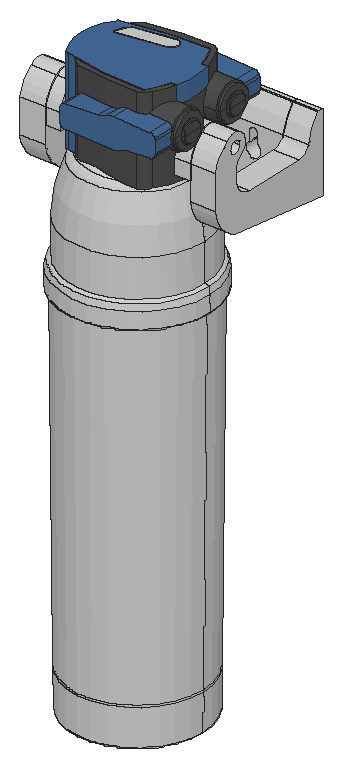
Revit family "QF_Vivreau_PURITY C150 Quell ST", category Specialty Equipment, Revit 2018
Family settings
  Round Connector Dimension = Use Diameter
  Part Type = Normal
  OmniClass Number = 23.40.40.14.24
  OmniClass Title = Food Dispensing Equipment
  Work Plane-Based = No
  Always vertical = Yes
  Cut with Voids When Loaded = No
  Shared = No
  Room Calculation Point = No
Parameters
  Width = 0' - 4.09"
  Weight in Pounds = 3.96
  Wall Bracket Location [instance] = if(Wall Bracket, 0' 0 15/16", 0' 0")  # 0' - 0 15/16"
  Wall Bracket [instance] = yes
  URL Cutsheet = ""
  URL = "www.vivreauwater.com/professional-filters"
  Status = ""
  Specification by User [instance] = ""
  Specification by Manufacturer = ""
  Serial Number [instance] = ""
  Seismic Rating = ""
  SMACNA No = ""
  Revision Code = ""
  Plumbing Remarks = ""
  Plumbing Connection Type = "NPT"
  NAFEM Spec ID Number = ""
  Mounting Height [instance] = 3' - 0"
  Model = "PURITY C150 Quell ST"
  Masterspec = "Division 11"
  Manufacturer = "Vivreau"
  Item Number [instance] = ""
  Installed By [instance] = ""
  Identify Quantity as Lot = yes
  Height = 1' - 4.42"
  Furnished By [instance] = ""
  Foodservice Equipment Identifier = yes
  Description = "Water Filter"
  Depth = 0' - 4 1/4"  # constant formula
  Cold Water Temperature Recommended = 40 °F
  Cold Water Size = 1/2"
  Cold Water RI Height = 0' - 0"
  Cold Water Minimum Pressure = 29.00 psi
  Cold Water Maximum Pressure = 124.00 psi
  Cold Water Flow = 0.264 GPM
  Cold Water Connection Height = 1' - 3 1/2"
  CSI MasterFormat = "11 46 00"
  Assembly Code = "E1090320"
Reference planes (in)
  plane 1 "BACK": y = 0
  plane 2 "REF. LAYER": z = 0
  plane 3 "FRONT": y = -4.25
  plane 4 "Center (Left/Right)": x = 2.125
  plane 5 "Center (Front/Back)": y = -2.125
  plane 6 "Center (Bottom/Top)": z = 41.94488
  plane 7 "Center F/C": z = 52.42
  plane 8 "Center F/G": z = 50.60396
  plane 9 "Center F/I": z = 51.51969
  plane 10 "Center F/J": x = 4.31004
  plane 11 "Center F/K": y = 0.9375
  plane 12 "Center F/L": x = 0.08
  plane 13 "Center F/M": x = 4.17
  plane 14 "Center F/O": z = 36
Forms (in)
  Revolve 1, solid, material "QF_Plastic-Grey-Vivreau"
    sketch origin (0, -2.125, 0) x (1, 0, 0) y (0, 0, 1)
      loop
        arc (2.12444, 36.11818) -> (3.01902, 36.17194) -> (3.87803, 36.42738) r 3.92192
        line (3.87803, 36.42738) -> (3.87803, 36.02142)
        arc (3.87803, 36.02142) -> (3.88431, 36.00627) -> (3.89946, 36) r 0.02142
        line (3.89946, 36) -> (3.94399, 36)
        arc (3.94399, 36) -> (3.95891, 36.00614) -> (3.96518, 36.021) r 0.02118
        line (3.96518, 36.021) -> (3.97403, 37.03611)
        arc (3.97403, 37.03611) -> (3.97611, 37.06626) -> (3.97698, 37.09647) r 0.75591
        line (3.97698, 37.09647) -> (4.06007, 46.61811) -> (4.15183, 46.61811)
        arc (4.15183, 46.61811) -> (4.16581, 46.62394) -> (4.17151, 46.63797) r 0.01969
        line (4.17151, 46.63797) -> (4.16756, 47.09055) -> (4.12263, 47.25822)
        arc (4.12263, 47.25822) -> (4.07582, 47.2969) -> (4.02277, 47.32643) r 0.33299
        line (4.02277, 47.32643) -> (4.01367, 48.36869)
        arc (4.01367, 48.36869) -> (3.93168, 49.11556) -> (3.70207, 49.83097) r 3.74016
        arc (3.70207, 49.83097) -> (3.636, 49.93453) -> (3.54123, 50.01269) r 0.3937
        arc (3.54123, 50.01269) -> (3.45973, 50.05893) -> (3.37671, 50.10236) r 2.75591
        line (3.37671, 50.10236) -> (3.12444, 50.10236) -> (3.12444, 50.60396) -> (2.12444, 50.60396) -> (2.12444, 36.11818)
      axis (2.12444, 36) -> (2.12444, 50.60396)
    angle from 0 to 360
Lines and regions (in)
  symbolic lines
    curve 1: arc (3.0404, -0.29842, 0) -> (0.08188, -2.125, 0) -> (3.0404, -3.95158, 0) r 2.04312
    curve 2: arc (4.1437, -2.43996, 0) -> (4.16812, -2.125, 0) -> (4.1437, -1.81004, 0) r 2.04312
Dimensions and locks (in)
  "Depth": plane 3 "FRONT" to plane 1 "BACK"
  equal spacing: plane 3 "FRONT", plane 5 "Center (Front/Back)", plane 1 "BACK"
  plane 9 "Center F/I" to plane 8 "Center F/G" to plane 6 "Center (Bottom/Top)" to plane 14 "Center F/O" = 0' - 0.91573" locked, 0' - 8.65907" locked, 0' - 5.94488" locked
  "Wall Bracket Location": plane 1 "BACK" to plane 11 "Center F/K"
  "Height": plane 7 "Center F/C" to plane 14 "Center F/O"
  "Mounting Height": plane 14 "Center F/O" to plane 2 "REF. LAYER"
  "Width": plane 12 "Center F/L" to plane 13 "Center F/M"
  equal spacing: plane 12 "Center F/L", plane 4 "Center (Left/Right)", plane 13 "Center F/M"
  locked: plane 13 "Center F/M" to plane 10 "Center F/J" at 0.14004
  aligned and locked: level to plane 2 "REF. LAYER"
  aligned and locked: plane 11 "Center F/K" to nested 2
  aligned and locked: Revolve 1 sketch curve to plane 8 "Center F/G"
  aligned and locked: plane 14 "Center F/O" to Revolve 1 sketch curve
  aligned and locked: plane 5 "Center (Front/Back)" to nested 1
Automatic sketch dimensions
  plane 12 "Center F/L" to Revolve 1 sketch curve = 0' - 0.19366"
  Revolve 1 sketch curve to plane 4 "Center (Left/Right)" = 0' - 0.00056"
  plane 4 "Center (Left/Right)" to Revolve 1 sketch curve = 0' - 0.01589"
  plane 4 "Center (Left/Right)" to Revolve 1 sketch curve = 0' - 0.21298"
  plane 4 "Center (Left/Right)" to Revolve 1 sketch curve = 0' - 0.99944"
  Revolve 1 sketch curve to plane 13 "Center F/M" = 0' - 0.9489"
  Revolve 1 sketch curve to Revolve 1 sketch curve = 0' - 0.21674"
  Revolve 1 sketch curve to Revolve 1 sketch curve = 0' - 0.25227"
  Revolve 1 sketch curve to plane 13 "Center F/M" = 0' - 0.29197"
  Revolve 1 sketch curve to plane 13 "Center F/M" = 0' - 0.28198"
  Revolve 1 sketch curve to Revolve 1 sketch curve = 0' - 0.02142"
  plane 14 "Center F/O" to Revolve 1 sketch curve = 0' - 0.02118"
  Revolve 1 sketch curve to Revolve 1 sketch curve = 0' - 0.04454"
  plane 14 "Center F/O" to Revolve 1 sketch curve = 0' - 0.021"
  Revolve 1 sketch curve to plane 13 "Center F/M" = 0' - 0.19597"
  Revolve 1 sketch curve to Revolve 1 sketch curve = 0' - 0.00294"
  Revolve 1 sketch curve to plane 13 "Center F/M" = 0' - 0.15633"
  Revolve 1 sketch curve to plane 13 "Center F/M" = 0' - 0.14723"
  Revolve 1 sketch curve to plane 13 "Center F/M" = 0' - 0.10993"
  Revolve 1 sketch curve to plane 13 "Center F/M" = 0' - 0.04737"
  Revolve 1 sketch curve to plane 13 "Center F/M" = 0' - 0.01817"
  Revolve 1 sketch curve to plane 13 "Center F/M" = 0' - 0.00244"
  plane 13 "Center F/M" to Revolve 1 sketch curve = 0' - 0.00151"
  plane 14 "Center F/O" to Revolve 1 sketch curve = 0' - 0.11818"
  Revolve 1 sketch curve to Revolve 1 sketch curve = 0' - 0.40596"
  Revolve 1 sketch curve to Revolve 1 sketch curve = 0' - 0.60873"
  Revolve 1 sketch curve to Revolve 1 sketch curve = 0' - 0.06036"
  Revolve 1 sketch curve to plane 8 "Center F/G" = 0' - 3.98585"
  Revolve 1 sketch curve to Revolve 1 sketch curve = 0' - 0.01969"
  Revolve 1 sketch curve to Revolve 1 sketch curve = 0' - 0.40381"
  Revolve 1 sketch curve to Revolve 1 sketch curve = 0' - 0.06863"
  Revolve 1 sketch curve to Revolve 1 sketch curve = 0' - 0.16767"
  Revolve 1 sketch curve to Revolve 1 sketch curve = 0' - 0.61716"
  Revolve 1 sketch curve to Revolve 1 sketch curve = 0' - 0.69697"
  Revolve 1 sketch curve to Revolve 1 sketch curve = 0' - 1.04226"
  Revolve 1 sketch curve to plane 8 "Center F/G" = 0' - 0.93035"
  Revolve 1 sketch curve to Revolve 1 sketch curve = 0' - 0.42876"
  Revolve 1 sketch curve to Revolve 1 sketch curve = 0' - 0"  (x3)
  plane 9 "Center F/I" to Revolve 1 sketch curve = 0' - 0.22595"
  curve 1 to curve 2 = 0' - 0"  (x2)
  curve 2 to plane 4 "Center (Left/Right)" = 0' - 0"
  plane 5 "Center (Front/Back)" to curve 2 = 0' - 0"
  curve 1 to plane 13 "Center F/M" = 0' - 1.1296"  (x2)
  curve 2 to plane 13 "Center F/M" = 0' - 0.0263"  (x2)
  plane 5 "Center (Front/Back)" to curve 2 = 0' - 0.31496"
  curve 1 to curve 2 = 0' - 1.51162"
Nested families (in)
  nested 1: "QF_Vivreau_ Filter Head_C150" at (0.56167, -0.22503, 0), Mounting Height <- "Mounting Height", type "QF_Vivreau_ Filter Head_C150"
    with Specification by User "", Serial Number "", Mounting Height 3' - 0", Installed By "", Furnished By ""
  nested 2: "QF_Vivreau_Wall Bracket_C150" at (-0.61927, 0.9375, 0), Mounting Height <- "Mounting Height", visible <- "Wall Bracket", type "QF_Vivreau_Wall Bracket_C150"
    with Specification by User "", Serial Number "", Mounting Height 3' - 0", Installed By "", Furnished By ""
Connectors (in)
  piping at (4.31004, -2.9124, 51.56641), diameter 0.5, driven by "Cold Water Size", driven by "Cold Water Flow"
    settings: on nested 1, index 1, connector inside diameter 24", connector length 0' - 0", flow factor 0, pipe flow 0.264 GPM, pressure drop 0.00 psi, fitting loss kfactor 0, connector angle 0.00°, fixture units 0, engagement length 0' - 0", angle of deflection 0.00°, flow configuration 1, flow direction 1, fitting loss method 0, system type 20, joint type 0, gender type 0, connector reference index -1, connector utility 0, adjustable connector no, is connector primary yes, connector description "Cold Water"
Definition of nested family "QF_Vivreau_ Filter Head_C150"
  Parameters (values of type "QF_Vivreau_ Filter Head_C150")
    Width = 3' - 0"
    Weight in Pounds = 0
    URL Cutsheet = ""
    Status = ""
    Specification by User [instance] = ""
    Specification by Manufacturer = ""
    Serial Number [instance] = ""
    Seismic Rating = ""
    SMACNA No = ""
    Revision Code = ""
    NAFEM Spec ID Number = ""
    Mounting Height [instance] = 3' - 0"
    Masterspec = ""
    Installed By [instance] = ""
    Identify Quantity as Lot = yes
    Height = 3' - 0"
    Furnished By [instance] = ""
    Foodservice Equipment Identifier = yes
    Depth = 3' - 0"
    CSI MasterFormat = ""
  Reference planes (in)
    plane 1 "BACK": y = 0
    plane 2 "REF. LAYER": z = 0
    plane 3 "LEFT": x = 0
    plane 4 "Center F/C": x = 3.74837
    plane 5 "Center F/D": y = -3.83618
    plane 6 "Center F/E": z = 51.56641
    plane 7 "Center F/F": z = 52.42129
    plane 8 "Center F/G": z = 49.99747
    plane 9 "Center F/H": z = 51.09307
    plane 10 "Center F/I": z = 51.92116
    plane 11 "Center F/J": y = -1.89997
    plane 12 "Center F/L": z = 36
    plane 13 "Center F/M": z = 52.27848
  Forms (in)
    Extrusion 1, solid
      sketch origin (-0.56167, 0.22503, 0) x (1, 0, 0) y (0, 1, 0)
        loop
          arc (3.17939, -3.30146) -> (3.22697, -3.28602) -> (3.25911, -3.24769) r 0.09059
          arc (3.25911, -3.24769) -> (3.55796, -2.125) -> (3.25911, -1.00231) r 2.25819
          arc (3.25911, -1.00231) -> (3.22697, -0.96398) -> (3.17939, -0.94854) r 0.09059
          arc (3.17939, -0.94854) -> (2.02567, -0.99526) -> (0.89165, -1.21272) r 7.75678
          arc (0.89165, -1.21272) -> (0.86179, -1.21999) -> (0.83702, -1.2382) r 0.07824
          arc (0.83702, -1.2382) -> (0.56167, -2.125) -> (0.83702, -3.0118) r 1.56569
          arc (0.83702, -3.0118) -> (0.86179, -3.03001) -> (0.89165, -3.03728) r 0.07824
          arc (0.89165, -3.03728) -> (2.02567, -3.25474) -> (3.17939, -3.30146) r 7.75678
      from 49.99747 to 52.42129
    Revolve 2, solid
      sketch origin (-16.04659, -180, 51.56641) x (-1, 0, 0) y (0, -1, 0)
        loop
          line (-19.59812, -178.88743) -> (-18.72075, -178.88743) -> (-18.7668, -178.36111) -> (-19.59812, -178.37562) -> (-19.59812, -178.88743)
        axis (-18.72075, -178.88743) -> (-19.59812, -178.88743)
      angle from 0 to 360
    Revolve 3, solid
      sketch origin (-16.04659, -180, 51.56641) x (-1, 0, 0) y (0, -1, 0)
        loop
          line (-19.59812, -177.31262) -> (-18.72075, -177.31262) -> (-18.7668, -176.7863) -> (-19.59812, -176.80081) -> (-19.59812, -177.31262)
        axis (-18.72075, -177.31262) -> (-19.59812, -177.31262)
      angle from 0 to 360
    Extrusion 4, void
      sketch origin (-0.56167, 0.22503, 0) x (0, 1, 0) y (0, 0, 1)
        loop
          circle (-2.125, 51.03491) r 0.20757
      from 3.17075 to 3.70744
    Extrusion 5, void
      sketch origin (-2.8954, 0.22503, 0) x (0, 1, 0) y (0, 0, 1)
        loop
          circle (-2.125, 51.03491) r 0.20757
      from 2.77402 to 3.28855
    Revolve 6, solid
      sketch origin (-16.04659, -180, 51.56641) x (-1, 0, 0) y (0, -1, 0)
        loop
          line (-19.59812, -178.88743) -> (-19.59812, -178.41499) -> (-19.69654, -178.41499) -> (-19.69654, -178.58034) -> (-19.73591, -178.58379) -> (-19.73591, -178.63349) -> (-19.79497, -178.63349) -> (-19.79497, -178.88743) -> (-19.59812, -178.88743)
        axis (-19.59812, -178.88743) -> (-19.79497, -178.88743)
      angle from 0 to 360
    Revolve 7, solid
      sketch origin (-16.04659, -180, 51.56641) x (-1, 0, 0) y (0, -1, 0)
        loop
          line (-19.59812, -177.31262) -> (-19.59812, -176.84018) -> (-19.69654, -176.84018) -> (-19.69654, -177.00554) -> (-19.73591, -177.00898) -> (-19.73591, -177.05869) -> (-19.79497, -177.05869) -> (-19.79497, -177.31262) -> (-19.59812, -177.31262)
        axis (-19.59812, -177.31262) -> (-19.79497, -177.31262)
      angle from 0 to 360
    Extrusion 8, solid
      sketch origin (0, 0, 0) x (0, 1, 0) y (0, 0, 1)
        loop
          circle (-1.89997, 51.03491) r 0.20757
        loop
          circle (-1.89997, 51.03491) r 0.14507
      from 2.60908 to 3.01441
    Extrusion 9, solid
      sketch origin (-2.62125, 0, 0) x (0, 1, 0) y (0, 0, 1)
        loop
          circle (-1.89997, 51.03491) r 0.20757
        loop
          circle (-1.89997, 51.03491) r 0.14507
      from 2.60908 to 3.01441
    Extrusion 10, solid
      sketch origin (0, 0, 5.99219) x (1, 0, 0) y (0, 1, 0)
        loop
          arc (2.61773, -0.72352) -> (2.65703, -0.73399) -> (2.68778, -0.7606) r 0.09059
          arc (2.68778, -0.7606) -> (2.99629, -1.89997) -> (2.68778, -3.03935) r 2.25819
          arc (2.68778, -3.03935) -> (2.65703, -3.06596) -> (2.61773, -3.07643) r 0.09059
          arc (2.61773, -3.07643) -> (1.60555, -3.04475) -> (0.60613, -2.88147) r 7.75678
          arc (0.60613, -2.88147) -> (0.72009, -2.98959) -> (0.8462, -3.08325) r 1.30616
          arc (0.8462, -3.08325) -> (1.72654, -3.2138) -> (2.6163, -3.23254) r 7.05821
          arc (2.6163, -3.23254) -> (2.77551, -3.16312) -> (2.87152, -3.01839) r 0.30684
          arc (2.87152, -3.01839) -> (3.18694, -1.89997) -> (2.87152, -0.78156) r 2.14057
          arc (2.87152, -0.78156) -> (2.77551, -0.63683) -> (2.6163, -0.5674) r 0.30684
          arc (2.6163, -0.5674) -> (1.72654, -0.58614) -> (0.8462, -0.7167) r 7.05821
          arc (0.8462, -0.7167) -> (0.72009, -0.81036) -> (0.60613, -0.91847) r 1.30616
          arc (0.60613, -0.91847) -> (1.60555, -0.7552) -> (2.61773, -0.72352) r 7.75678
      from 44.00529 to 46.4291
    Extrusion 11, void
      sketch origin (0, 0, 5.99219) x (1, 0, 0) y (0, 1, 0)
        loop
          arc (2.92876, -1.35185) -> (2.99629, -1.89997) -> (2.92876, -2.4481) r 2.25819
          line (2.92876, -2.4481) -> (3.11557, -2.4481)
          arc (3.11557, -2.4481) -> (3.18694, -1.89997) -> (3.11557, -1.35185) r 2.14057
          line (3.11557, -1.35185) -> (2.92876, -1.35185)
      from 45.92897 to 46.4291
    Extrusion 12, solid
      sketch origin (0, 0, 5.99219) x (1, 0, 0) y (0, 1, 0)
        loop
          arc (0.70049, -1.02146) -> (0.59462, -1.21203) -> (0.51669, -1.41563) r 1.54109
          arc (0.51669, -1.41563) -> (0.54, -1.44367) -> (0.57618, -1.44818) r 0.04958
          arc (0.57618, -1.44818) -> (1.21574, -1.31536) -> (1.86503, -1.24405) r 6.85047
          arc (1.86503, -1.24405) -> (2.03249, -1.03201) -> (1.82552, -0.85833) r 0.19395
          arc (1.82552, -0.85833) -> (1.26009, -0.91975) -> (0.70049, -1.02146) r 7.94315
      from 46.28629 to 46.4291
    Extrusion 13, solid
      sketch origin (0, 0, 5.99219) x (1, 0, 0) y (0, 1, 0)
        loop
          arc (3.11557, -2.4481) -> (3.18694, -1.89997) -> (3.11557, -1.35185) r 2.14057
          line (3.11557, -1.35185) -> (2.92876, -1.35185)
          arc (2.92876, -1.35185) -> (2.99629, -1.89997) -> (2.92876, -2.4481) r 2.25819
          line (2.92876, -2.4481) -> (3.11557, -2.4481)
      from 45.92897 to 46.4291
    Extrusion 14, void
      sketch origin (0, 0, 5.99219) x (1, 0, 0) y (0, 1, 0)
        loop
          arc (0.57618, -1.44818) -> (1.21574, -1.31536) -> (1.86503, -1.24405) r 6.85047
          arc (1.86503, -1.24405) -> (2.03249, -1.03201) -> (1.82552, -0.85833) r 0.19395
          arc (1.82552, -0.85833) -> (1.26009, -0.91975) -> (0.70049, -1.02146) r 7.94315
          arc (0.70049, -1.02146) -> (0.59462, -1.21203) -> (0.51669, -1.41563) r 1.54109
          arc (0.51669, -1.41563) -> (0.54, -1.44367) -> (0.57618, -1.44818) r 0.04958
      from 46.28629 to 46.4291
  Cuts and joins
    Extrusion 4, Extrusion 5, Extrusion 14 cuts Extrusion 1
    joined: Extrusion 1, Extrusion 13
    Extrusion 11 cuts Extrusion 10
  Lines and regions (in)
    symbolic lines
      curve 1: arc (0.32999, -2.81225, 0) -> (1.464, -3.02972, 0) -> (2.61773, -3.07643, 0) r 7.75678
      curve 2: arc (2.61773, -3.07643, 0) -> (2.6653, -3.061, 0) -> (2.69744, -3.02266, 0) r 0.09059
      curve 3: arc (2.69744, -3.02266, 0) -> (2.99629, -1.89997, 0) -> (2.69744, -0.77728, 0) r 2.25819
      curve 4: arc (2.69744, -0.77728, 0) -> (2.6653, -0.73895, 0) -> (2.61773, -0.72352, 0) r 0.09059
      curve 5: arc (2.61773, -0.72352, 0) -> (1.464, -0.77023, 0) -> (0.32999, -0.9877, 0) r 7.75678
      curve 6: arc (0.32999, -0.9877, 0) -> (0.30012, -0.99496, 0) -> (0.27535, -1.01317, 0) r 0.07824
      curve 7: arc (0.27535, -1.01317, 0) -> (0, -1.89997, 0) -> (0.27535, -2.78678, 0) r 1.56569
      curve 8: arc (0.27535, -2.78678, 0) -> (0.30012, -2.80499, 0) -> (0.32999, -2.81225, 0) r 0.07824
      curve 9: line (3.74837, -2.94131, 0) -> (3.68932, -2.94131, 0)
      curve 10: arc (0.85161, -0.6986, 0) -> (0.82653, -0.78661, 0) -> (0.80424, -0.87538, 0) r 2.89017
      curve 11: arc (0.85161, -0.6986, 0) -> (0.87512, -0.61425, 0) -> (0.90582, -0.53225, 0) r 1.0142
      curve 12: arc (0.90582, -0.53225, 0) -> (0.95826, -0.37458, 0) -> (1.01402, -0.21806, 0) r 7.87402
      curve 13: arc (1.01402, -0.21806, 0) -> (1.03304, -0.19156, 0) -> (1.06321, -0.17918, 0) r 0.05912
      curve 14: arc (1.06321, -0.17918, 0) -> (2.22788, -0.07327, 0) -> (3.39529, -0.1428, 0) r 7.79531
      curve 15: arc (3.39529, -0.1428, 0) -> (3.42859, -0.1583, 0) -> (3.44724, -0.18996, 0) r 0.0619
      curve 16: arc (3.44724, -0.18996, 0) -> (3.48188, -0.39473, 0) -> (3.50801, -0.60076, 0) r 5.02104
      curve 17: line (3.64995, -0.64013, 0) -> (3.55152, -0.64013, 0)
      curve 18: line (3.55152, -0.64013, 0) -> (3.55152, -0.60076, 0)
      curve 19: line (3.55152, -0.60076, 0) -> (3.50801, -0.60076, 0)
      curve 20: line (3.55152, -0.64013, 0) -> (3.55152, -1.62438, 0)
      curve 21: line (3.55152, -1.62438, 0) -> (2.98062, -1.63435, 0)
      curve 22: line (3.64995, -1.58501, 0) -> (3.55152, -1.58501, 0)
      curve 23: line (3.64995, -1.58501, 0) -> (3.64995, -0.64013, 0)
      curve 24: line (3.68932, -1.41621, 0) -> (3.64995, -1.41966, 0)
      curve 25: line (3.68932, -1.41621, 0) -> (3.68932, -0.80849, 0)
      curve 26: line (3.74837, -0.85864, 0) -> (3.68932, -0.85864, 0)
      curve 27: line (3.74837, -0.85864, 0) -> (3.74837, -1.36651, 0)
      curve 28: line (3.74837, -1.36651, 0) -> (3.68932, -1.36651, 0)
      curve 29: line (3.64995, -3.15982, 0) -> (3.55152, -3.15982, 0)
      curve 30: line (3.55152, -3.15982, 0) -> (3.55152, -3.19919, 0)
      curve 31: line (3.55152, -3.19919, 0) -> (3.50801, -3.19919, 0)
      curve 32: line (3.55152, -3.15982, 0) -> (3.55152, -2.17556, 0)
      curve 33: line (3.64995, -2.21493, 0) -> (3.55152, -2.21493, 0)
      curve 34: line (3.64995, -2.21493, 0) -> (3.64995, -3.15982, 0)
      curve 35: line (3.68932, -2.38373, 0) -> (3.64995, -2.38029, 0)
      curve 36: line (3.68932, -2.38373, 0) -> (3.68932, -2.99146, 0)
      curve 37: line (3.74837, -2.94131, 0) -> (3.68932, -2.94131, 0)
      curve 38: line (3.74837, -2.94131, 0) -> (3.74837, -2.43344, 0)
      curve 39: line (3.74837, -2.43344, 0) -> (3.68932, -2.43344, 0)
      curve 40: arc (0.85161, -3.10135, 0) -> (0.82653, -3.01334, 0) -> (0.80424, -2.92457, 0) r 2.89017
      curve 41: arc (0.85161, -3.10135, 0) -> (0.87512, -3.1857, 0) -> (0.90582, -3.2677, 0) r 1.0142
      curve 42: arc (0.90582, -3.2677, 0) -> (0.95826, -3.42537, 0) -> (1.01402, -3.58189, 0) r 7.87402
      curve 43: arc (1.01402, -3.58189, 0) -> (1.03304, -3.60839, 0) -> (1.06321, -3.62077, 0) r 0.05912
      curve 44: arc (1.06321, -3.62077, 0) -> (2.22788, -3.72667, 0) -> (3.39529, -3.65715, 0) r 7.79531
      curve 45: arc (3.39529, -3.65715, 0) -> (3.42859, -3.64164, 0) -> (3.44724, -3.60999, 0) r 0.0619
      curve 46: arc (3.44724, -3.60999, 0) -> (3.48188, -3.40522, 0) -> (3.50801, -3.19919, 0) r 5.02104
      curve 47: line (3.55152, -3.15982, 0) -> (3.55152, -3.19919, 0)
      curve 48: line (3.55152, -3.19919, 0) -> (3.50801, -3.19919, 0)
      curve 49: line (3.55152, -3.15982, 0) -> (3.55152, -2.17556, 0)
      curve 50: line (3.55152, -2.17556, 0) -> (2.98062, -2.1656, 0)
      curve 51: line (0, 0, 0) -> (3.74837, 0, 0)
      curve 52: line (0, -1.89997, 0) -> (2.99629, -1.89997, 0)
      curve 53: line (3.64995, -0.80549, 0) -> (3.68932, -0.80849, 0)
      curve 54: line (3.64995, -2.99446, 0) -> (3.68932, -2.99146, 0)
  Dimensions and locks (in)
    plane 7 "Center F/F" to plane 10 "Center F/I" to plane 6 "Center F/E" to plane 9 "Center F/H" to plane 8 "Center F/G" = 0' - 0.50013" locked, 0' - 0.35475" locked, 0' - 0.47334" locked, 0' - 1.09559" locked
    plane 5 "Center F/D" to plane 11 "Center F/J" to plane 1 "BACK" = 0' - 1.93621" locked, 0' - 1.89997" locked
    locked: plane 6 "Center F/E" to nested 1 at 0.05953
    locked: plane 8 "Center F/G" to plane 12 "Center F/L" at 13.99747
    "Mounting Height": plane 12 "Center F/L" to plane 2 "REF. LAYER"
    locked: plane 7 "Center F/F" to plane 13 "Center F/M" at 0.14281
    aligned and locked: level to plane 2 "REF. LAYER"
    aligned and locked: plane 7 "Center F/F" to cut or joined group of Extrusion 1, Extrusion 4, Extrusion 5, Extrusion 13, Extrusion 14
    aligned and locked: cut or joined group of Extrusion 1, Extrusion 4, Extrusion 5, Extrusion 13, Extrusion 14 to plane 8 "Center F/G"
    aligned and locked: nested 1 to plane 11 "Center F/J"
    aligned and locked: plane 11 "Center F/J" to nested 1
    aligned and locked: cut or joined group of Extrusion 1, Extrusion 4, Extrusion 5, Extrusion 13, Extrusion 14 to plane 7 "Center F/F"
    aligned and locked: plane 7 "Center F/F" to Extrusion 12
    aligned and locked: Extrusion 12 to plane 13 "Center F/M"
    aligned and locked: plane 13 "Center F/M" to Extrusion 12
    aligned and locked: plane 8 "Center F/G" to cut or joined group of Extrusion 1, Extrusion 4, Extrusion 5, Extrusion 13, Extrusion 14
    aligned and locked: cut or joined group of Extrusion 10, Extrusion 11 to plane 8 "Center F/G"
    aligned and locked: plane 7 "Center F/F" to cut or joined group of Extrusion 10, Extrusion 11
    aligned and locked: Extrusion 14 to plane 13 "Center F/M"
    aligned and locked: Extrusion 1 to Extrusion 14
    aligned and locked: Extrusion 11 to plane 10 "Center F/I"
    aligned and locked: Extrusion 13 to plane 10 "Center F/I"
  Automatic sketch dimensions
    curve 51 to level = 0' - 0"
    curve 51 to plane 3 "LEFT" = 0' - 0"
    curve 51 to plane 4 "Center F/C" = 0' - 0"
    curve 52 to plane 3 "LEFT" = 0' - 0"
    plane 11 "Center F/J" to curve 3 = 0' - 0"
    plane 11 "Center F/J" to curve 7 = 0' - 0"
    plane 11 "Center F/J" to curve 52 = 0' - 0"
    curve 39 to plane 4 "Center F/C" = 0' - 0"
    curve 28 to plane 4 "Center F/C" = 0' - 0"
    curve 16 to plane 3 "LEFT" = 0' - 1.48511"
    curve 46 to plane 3 "LEFT" = 0' - 1.48511"
    plane 3 "LEFT" to curve 8 = 0' - 0.33318"
    plane 3 "LEFT" to curve 6 = 0' - 0.33318"
    plane 3 "LEFT" to curve 3 = 0' - 0.7381"
    plane 1 "BACK" to curve 13 = 0' - 0.23795"
    plane 3 "LEFT" to curve 13 = 0' - 1.0697"
    curve 43 to plane 5 "Center F/D" = 0' - 0.27418"
    plane 3 "LEFT" to curve 43 = 0' - 1.0697"
    curve 3 to curve 7 = 0' - 0.82759"
    curve 7 to curve 11 = 0' - 0.27372"
    curve 7 to curve 41 = 0' - 0.27372"
    curve 14 to plane 4 "Center F/C" = 0' - 1.39888"
    curve 44 to plane 4 "Center F/C" = 0' - 1.39888"
    curve 44 to curve 1 = 0' - 0.00431"
    curve 14 to curve 5 = 0' - 0.00431"
    curve 41 to curve 2 = 0' - 0.77523"
    curve 11 to curve 4 = 0' - 0.77523"
    plane 1 "BACK" to curve 15 = 0' - 0.20414"
    curve 15 to plane 4 "Center F/C" = 0' - 0.36139"
    curve 45 to plane 4 "Center F/C" = 0' - 0.36139"
    curve 48 to plane 4 "Center F/C" = 0' - 0.24036"
    curve 19 to plane 4 "Center F/C" = 0' - 0.24036"
    curve 16 to curve 19 = 0' - 0.04351"
    curve 31 to curve 48 = 0' - 0.04351"
    curve 22 to curve 10 = 0' - 0.0667"
    curve 33 to curve 40 = 0' - 0.0667"
    curve 17 to curve 17 = 0' - 0.09843"
    curve 29 to curve 34 = 0' - 0.09843"
    curve 24 to curve 25 = 0' - 0.03937"
    curve 35 to curve 35 = 0' - 0.03937"
    plane 1 "BACK" to curve 42 = 0' - 0.86161"
    plane 4 "Center F/C" to curve 42 = 0' - 4.65484"
    curve 12 to plane 5 "Center F/D" = 0' - 0.89785"
    curve 12 to curve 42 = 0' - 0"
    curve 45 to plane 5 "Center F/D" = 0' - 0.24037"
    plane 5 "Center F/D" to curve 14 = 0' - 4.03145"
    curve 5 to curve 14 = 0' - 0.60817"
    curve 45 to curve 47 = 0' - 0.39662"
    curve 30 to curve 34 = 0' - 0.03937"
    curve 29 to curve 36 = 0' - 0.16836"
    curve 2 to plane 5 "Center F/D" = 0' - 0.85029"
    curve 36 to curve 9 = 0' - 0.05014"
    curve 2 to curve 41 = 0' - 0.11446"
    plane 11 "Center F/J" to curve 8 = 0' - 0.8341"
    plane 11 "Center F/J" to curve 46 = 0' - 0.77047"
    curve 9 to curve 39 = 0' - 0.50787"
    curve 39 to curve 36 = 0' - 0.04971"
    curve 35 to curve 40 = 0' - 0.11843"
    curve 40 to curve 34 = 0' - 0.05037"
    curve 33 to curve 49 = 0' - 0.03937"
    curve 21 to plane 11 "Center F/J" = 0' - 0.27559"
    curve 20 to curve 22 = 0' - 0.03937"
    curve 22 to curve 10 = 0' - 0.05037"
    curve 10 to curve 24 = 0' - 0.11843"
    curve 24 to curve 27 = 0' - 0.04971"
    curve 16 to plane 11 "Center F/J" = 0' - 0.77047"
    curve 6 to plane 11 "Center F/J" = 0' - 0.8341"
    plane 1 "BACK" to curve 11 = 0' - 0.92852"
    curve 27 to curve 26 = 0' - 0.50787"
    curve 11 to curve 4 = 0' - 0.11446"
    curve 26 to curve 25 = 0' - 0.05014"
    curve 25 to curve 17 = 0' - 0.16836"
    curve 17 to curve 19 = 0' - 0.03937"
    curve 44 to plane 1 "BACK" = 0' - 4.06768"
    curve 44 to curve 1 = 0' - 0.60817"
    curve 8 to curve 8 = 0' - 0.05783"
    curve 6 to curve 6 = 0' - 0.05783"
    curve 7 to curve 6 = 0' - 0.05464"
    curve 8 to curve 8 = 0' - 0.05464"
    curve 8 to curve 40 = 0' - 0.47425"
    curve 5 to curve 10 = 0' - 0.47425"
    curve 40 to curve 40 = 0' - 0.04737"
    curve 10 to curve 10 = 0' - 0.04737"
    curve 10 to curve 11 = 0' - 0.05421"
    curve 41 to curve 41 = 0' - 0.05421"
    curve 43 to curve 43 = 0' - 0.05568"
    curve 12 to curve 13 = 0' - 0.05568"
    curve 43 to curve 43 = 0' - 0.00649"
    curve 13 to curve 13 = 0' - 0.00649"
    curve 4 to curve 5 = 0' - 0"
    curve 2 to curve 1 = 0' - 0"
    curve 2 to curve 2 = 0' - 0.08279"
    curve 21 to plane 11 "Center F/J" = 0' - 0 17/64"
    plane 11 "Center F/J" to curve 50 = 0' - 0 17/64"
    curve 15 to curve 14 = 0' - 0"
    curve 45 to curve 44 = 0' - 0"
    curve 54 to curve 36 = 0' - 0.00301"
    curve 35 to curve 35 = 0' - 0.00344"
    curve 24 to curve 24 = 0' - 0.00344"
    curve 25 to curve 53 = 0' - 0.00301"
    plane 11 "Center F/J" to Extrusion 1 sketch curve = 0' - 0"  (x2)
    plane 3 "LEFT" to Extrusion 1 sketch curve = 0' - 0.33318"  (x2)
    plane 3 "LEFT" to Extrusion 1 sketch curve = 0' - 0.7381"
    Extrusion 1 sketch curve to Extrusion 1 sketch curve = 0' - 0.82759"
    Extrusion 1 sketch curve to plane 4 "Center F/C" = 0' - 1.39457"  (x2)
    Extrusion 1 sketch curve to plane 4 "Center F/C" = 0' - 1.13373"  (x2)
    plane 11 "Center F/J" to Extrusion 1 sketch curve = 0' - 0.8341"
    Extrusion 1 sketch curve to plane 5 "Center F/D" = 0' - 0.85029"
    plane 5 "Center F/D" to Extrusion 1 sketch curve = 0' - 4.63962"
    Extrusion 1 sketch curve to plane 11 "Center F/J" = 0' - 0.8341"
    plane 1 "BACK" to Extrusion 1 sketch curve = 0' - 0.81406"
    Extrusion 1 sketch curve to plane 1 "BACK" = 0' - 4.67585"
    Extrusion 1 sketch curve to Extrusion 1 sketch curve = 0' - 0.0032"  (x2)
    Extrusion 1 sketch curve to Extrusion 1 sketch curve = 0' - 0.05464"  (x2)
    Extrusion 1 sketch curve to Extrusion 1 sketch curve = 0' - 0.00308"  (x2)
    Extrusion 1 sketch curve to Extrusion 1 sketch curve = 0' - 0"
    Extrusion 1 sketch curve to Extrusion 1 sketch curve = 0' - 0.08279"
    Revolve 2 sketch curve to plane 4 "Center F/C" = 0' - 0.19685"
    Revolve 2 sketch curve to plane 11 "Center F/J" = 0' - 0.26108"
    Revolve 2 sketch curve to Revolve 2 sketch curve = 0' - 0.83132"
    Revolve 2 sketch curve to Revolve 2 sketch curve = 0' - 0.04605"
    Revolve 2 sketch curve to plane 11 "Center F/J" = 0' - 0.27559"
    Revolve 2 sketch curve to Revolve 2 sketch curve = 0' - 0.52632"
    Revolve 2 sketch curve to Revolve 2 sketch curve = 0' - 0"  (x3)
    Revolve 3 sketch curve to plane 4 "Center F/C" = 0' - 0.19685"
    Revolve 3 sketch curve to Revolve 3 sketch curve = 0' - 0.83132"
    Revolve 3 sketch curve to Revolve 3 sketch curve = 0' - 0.04605"
    plane 11 "Center F/J" to Revolve 3 sketch curve = 0' - 0.7874"
    Revolve 3 sketch curve to Revolve 3 sketch curve = 0' - 0.51181"
    Revolve 3 sketch curve to Revolve 3 sketch curve = 0' - 0.52632"
    Revolve 3 sketch curve to Revolve 3 sketch curve = 0' - 0"  (x3)
    Extrusion 4 sketch curve to plane 11 "Center F/J" = 0' - 0"
    Extrusion 4 sketch curve to plane 9 "Center F/H" = 0' - 0.05816"
    Extrusion 5 sketch curve to plane 11 "Center F/J" = 0' - 0"
    Extrusion 5 sketch curve to plane 9 "Center F/H" = 0' - 0.05816"
    Revolve 6 sketch curve to plane 4 "Center F/C" = 0' - 0"
    Revolve 6 sketch curve to plane 4 "Center F/C" = 0' - 0.05906"
    Revolve 6 sketch curve to Revolve 6 sketch curve = 0' - 0.03937"
    Revolve 6 sketch curve to Revolve 6 sketch curve = 0' - 0.09843"
    Revolve 6 sketch curve to plane 11 "Center F/J" = 0' - 0.7874"
    Revolve 6 sketch curve to Revolve 6 sketch curve = 0' - 0.25394"
    Revolve 6 sketch curve to Revolve 6 sketch curve = 0' - 0.04971"
    Revolve 6 sketch curve to Revolve 6 sketch curve = 0' - 0.00344"
    Revolve 6 sketch curve to Revolve 6 sketch curve = 0' - 0.16535"
    Revolve 6 sketch curve to Revolve 6 sketch curve = 0' - 0.0902"
    Revolve 6 sketch curve to Revolve 6 sketch curve = 0' - 0"  (x2)
    Revolve 7 sketch curve to plane 4 "Center F/C" = 0' - 0"
    Revolve 7 sketch curve to plane 4 "Center F/C" = 0' - 0.05906"
    Revolve 7 sketch curve to Revolve 7 sketch curve = 0' - 0.03937"
    Revolve 7 sketch curve to Revolve 7 sketch curve = 0' - 0.09843"
    plane 11 "Center F/J" to Revolve 7 sketch curve = 0' - 0.7874"
    Revolve 7 sketch curve to Revolve 7 sketch curve = 0' - 0.25394"
    Revolve 7 sketch curve to Revolve 7 sketch curve = 0' - 0.04971"
    Revolve 7 sketch curve to Revolve 7 sketch curve = 0' - 0.00344"
    Revolve 7 sketch curve to Revolve 7 sketch curve = 0' - 0.16535"
    Revolve 7 sketch curve to Revolve 7 sketch curve = 0' - 0.0902"
    Revolve 7 sketch curve to Revolve 7 sketch curve = 0' - 0"  (x2)
    Extrusion 8 sketch curve to Extrusion 8 sketch curve = 0' - 0"  (x6)
    Extrusion 8 sketch curve to plane 11 "Center F/J" = 0' - 0"
    Extrusion 8 sketch curve to plane 9 "Center F/H" = 0' - 0.05816"
    plane 11 "Center F/J" to Extrusion 8 sketch curve = 0' - 0.14507"
    Extrusion 9 sketch curve to Extrusion 9 sketch curve = 0' - 0"  (x6)
    Extrusion 9 sketch curve to plane 11 "Center F/J" = 0' - 0"
    Extrusion 9 sketch curve to plane 9 "Center F/H" = 0' - 0.05816"
    plane 11 "Center F/J" to Extrusion 9 sketch curve = 0' - 0.14507"
    plane 11 "Center F/J" to Extrusion 10 sketch curve = 0' - 0"  (x2)
    plane 3 "LEFT" to Extrusion 10 sketch curve = 0' - 0.7381"
    Extrusion 10 sketch curve to Extrusion 10 sketch curve = 0' - 0.30827"
    plane 11 "Center F/J" to Extrusion 10 sketch curve = 0' - 0.08971"
    Extrusion 10 sketch curve to Extrusion 10 sketch curve = 0' - 0.5141"
    Extrusion 10 sketch curve to Extrusion 10 sketch curve = 0' - 0"  (x3)
    Extrusion 10 sketch curve to plane 4 "Center F/C" = 0' - 1.42862"  (x2)
    Extrusion 10 sketch curve to Extrusion 10 sketch curve = 0' - 0.03406"  (x2)
    Extrusion 10 sketch curve to plane 4 "Center F/C" = 0' - 1.1701"  (x2)
    Extrusion 10 sketch curve to Extrusion 10 sketch curve = 0' - 0.03637"  (x2)
    Extrusion 10 sketch curve to plane 5 "Center F/D" = 0' - 0.90812"
    Extrusion 10 sketch curve to Extrusion 10 sketch curve = 0' - 0.05782"  (x2)
    plane 5 "Center F/D" to Extrusion 10 sketch curve = 0' - 3.78319"
    Extrusion 10 sketch curve to Extrusion 10 sketch curve = 0' - 0.85642"  (x2)
    Extrusion 10 sketch curve to plane 11 "Center F/J" = 0' - 0.08971"
    plane 1 "BACK" to Extrusion 10 sketch curve = 0' - 0.87188"
    Extrusion 10 sketch curve to plane 1 "BACK" = 0' - 3.81943"
    plane 3 "LEFT" to Extrusion 10 sketch curve = 0' - 0.60613"  (x2)
    Extrusion 10 sketch curve to Extrusion 10 sketch curve = 0' - 0.24007"  (x2)
    Extrusion 10 sketch curve to Extrusion 10 sketch curve = 0' - 0.00166"  (x2)
    Extrusion 10 sketch curve to Extrusion 10 sketch curve = 0' - 0.00308"  (x2)
    Extrusion 10 sketch curve to Extrusion 10 sketch curve = 0' - 0.07006"
    Extrusion 10 sketch curve to Extrusion 10 sketch curve = 0' - 0.18374"
    plane 11 "Center F/J" to Extrusion 11 sketch curve = 0' - 0"  (x2)
    plane 3 "LEFT" to Extrusion 11 sketch curve = 0' - 0.7381"
    Extrusion 11 sketch curve to Extrusion 11 sketch curve = 0' - 0.30827"
    Extrusion 11 sketch curve to plane 4 "Center F/C" = 0' - 0.81961"
    Extrusion 11 sketch curve to plane 11 "Center F/J" = 0' - 0.54813"
    Extrusion 11 sketch curve to Extrusion 11 sketch curve = 0' - 0"
    Extrusion 11 sketch curve to Extrusion 11 sketch curve = 0' - 0.18681"
    plane 3 "LEFT" to Extrusion 12 sketch curve = 0' - 0.5638"
    Extrusion 12 sketch curve to Extrusion 12 sketch curve = 0' - 1.27575"
    Extrusion 12 sketch curve to plane 11 "Center F/J" = 0' - 0.03665"
    Extrusion 12 sketch curve to Extrusion 12 sketch curve = 0' - 0.15177"
    Extrusion 12 sketch curve to plane 4 "Center F/C" = 0' - 1.46099"
    Extrusion 12 sketch curve to Extrusion 12 sketch curve = 0' - 0.11254"
    plane 5 "Center F/D" to Extrusion 12 sketch curve = 0' - 4.2453"
    Extrusion 12 sketch curve to Extrusion 12 sketch curve = 0' - 0 179/256"
    Extrusion 12 sketch curve to plane 11 "Center F/J" = 0' - 0.4998"
    Extrusion 12 sketch curve to Extrusion 12 sketch curve = 0' - 0.81155"
    Extrusion 12 sketch curve to Extrusion 12 sketch curve = 0' - 0.04711"
    Extrusion 12 sketch curve to Extrusion 12 sketch curve = 0' - 0.01238"
    Extrusion 12 sketch curve to Extrusion 12 sketch curve = 0' - 0"  (x2)
    Extrusion 12 sketch curve to Extrusion 12 sketch curve = 0' - 0.13669"
    plane 11 "Center F/J" to Extrusion 13 sketch curve = 0' - 0"  (x2)
    plane 3 "LEFT" to Extrusion 13 sketch curve = 0' - 0.7381"
    Extrusion 13 sketch curve to Extrusion 13 sketch curve = 0' - 0.30827"
    Extrusion 13 sketch curve to plane 4 "Center F/C" = 0' - 0.81961"
    plane 11 "Center F/J" to Extrusion 13 sketch curve = 0' - 0.54813"
    Extrusion 13 sketch curve to Extrusion 13 sketch curve = 0' - 0"
    Extrusion 13 sketch curve to Extrusion 13 sketch curve = 0' - 0.18681"
    plane 3 "LEFT" to Extrusion 14 sketch curve = 0' - 0.5638"
    Extrusion 14 sketch curve to Extrusion 14 sketch curve = 0' - 1.27575"
    Extrusion 14 sketch curve to plane 11 "Center F/J" = 0' - 0.03665"
    Extrusion 14 sketch curve to Extrusion 14 sketch curve = 0' - 0.15177"
    Extrusion 14 sketch curve to plane 4 "Center F/C" = 0' - 1.46099"
    Extrusion 14 sketch curve to Extrusion 14 sketch curve = 0' - 0.11254"
    plane 5 "Center F/D" to Extrusion 14 sketch curve = 0' - 4.2453"
    Extrusion 14 sketch curve to Extrusion 14 sketch curve = 0' - 0 179/256"
    Extrusion 14 sketch curve to plane 11 "Center F/J" = 0' - 0.4998"
    Extrusion 14 sketch curve to Extrusion 14 sketch curve = 0' - 0.81155"
    Extrusion 14 sketch curve to Extrusion 14 sketch curve = 0' - 0.04711"
    Extrusion 14 sketch curve to Extrusion 14 sketch curve = 0' - 0.01238"
    Extrusion 14 sketch curve to Extrusion 14 sketch curve = 0' - 0"  (x2)
    Extrusion 14 sketch curve to Extrusion 14 sketch curve = 0' - 0.13669"
    radius of Extrusion 4 sketch curve = 0' - 0.20757"
    radius of Extrusion 5 sketch curve = 0' - 0.20757"
    radius of Extrusion 8 sketch curve = 0' - 0.20757"
    radius of Extrusion 9 sketch curve = 0' - 0.20757"
  Nested families (in)
    nested 1: "QF_Vivreau_Filter Handles" at (0, 0.00348, 51.09316), type "QF_Vivreau_Filter Handles"
      with Specification by User "", Serial Number "", Installed By "", Furnished By ""
  Definition of nested family "QF_Vivreau_Filter Handles"
    Parameters (values of type "QF_Vivreau_Filter Handles")
      Width = 3' - 0"
      Weight in Pounds = 0
      URL Cutsheet = ""
      Status = ""
      Specification by User [instance] = ""
      Specification by Manufacturer = ""
      Serial Number [instance] = ""
      Seismic Rating = ""
      SMACNA No = ""
      Revision Code = ""
      NAFEM Spec ID Number = ""
      Masterspec = ""
      Installed By [instance] = ""
      Identify Quantity as Lot = yes
      Height = 3' - 0"
      Furnished By [instance] = ""
      Foodservice Equipment Identifier = yes
      Depth = 3' - 0"
      CSI MasterFormat = ""
    Reference planes (in)
      plane 1 "BACK": y = 0
      plane 2 "REF. LAYER": z = 0
      plane 3 "LEFT": x = 0
      plane 4 "Center F/C": y = -3.80691
      plane 5 "Center F/D": y = -1.90346
      plane 6 "Center F/E": z = 0.82744
      plane 7 "Center F/G": z = 0.41372
    Forms (in)
      Extrusion 1, solid
        sketch origin (0, 0, 0.00057) x (1, 0, 0) y (0, 0, 1)
          loop
            arc (0.8571, 0.55383) -> (0.83682, 0.35511) -> (0.85692, 0.15637) r 0.98817
            arc (0.85692, 0.15637) -> (0.86589, 0.12276) -> (0.88395, 0.09303) r 0.12237
            arc (0.88395, 0.09303) -> (0.93471, 0.05225) -> (0.99753, 0.03515) r 0.15952
            arc (0.99753, 0.03515) -> (1.67538, 0.00582) -> (2.35383, -0.00057) r 20.04898
            arc (2.35383, -0.00057) -> (2.46018, 0.01423) -> (2.5591, 0.056) r 0.41198
            arc (2.5591, 0.056) -> (2.66038, 0.09965) -> (2.76926, 0.11724) r 0.44816
            arc (2.76926, 0.11724) -> (2.80698, 0.11798) -> (2.84471, 0.11743) r 1.0994
            arc (2.84471, 0.11743) -> (3.11065, 0.13237) -> (3.37687, 0.14075) r 10.80002
            arc (3.37687, 0.14075) -> (3.46417, 0.17008) -> (3.51799, 0.24481) r 0.15034
            arc (3.51799, 0.24481) -> (3.52598, 0.27307) -> (3.53184, 0.30184) r 0.39378
            arc (3.53184, 0.30184) -> (3.5372, 0.4622) -> (3.53184, 0.62256) r 2.40126
            arc (3.53184, 0.62256) -> (3.52497, 0.65354) -> (3.51681, 0.6842) r 0.75395
            arc (3.51681, 0.6842) -> (3.46404, 0.75745) -> (3.37897, 0.78767) r 0.1515
            line (3.37897, 0.78767) -> (2.35397, 0.82744)
            arc (2.35397, 0.82744) -> (2.24358, 0.81406) -> (2.14136, 0.77028) r 0.39277
            arc (2.14136, 0.77028) -> (2.03449, 0.72381) -> (1.91904, 0.70788) r 0.42817
            arc (1.91904, 0.70788) -> (1.45811, 0.69557) -> (0.99753, 0.67361) r 21.98526
            arc (0.99753, 0.67361) -> (0.93424, 0.65729) -> (0.88352, 0.61606) r 0.1531
            arc (0.88352, 0.61606) -> (0.86721, 0.58626) -> (0.8571, 0.55383) r 0.17143
        from 0.08356 to 0.9172
      Extrusion 2, solid
        sketch origin (0, -2.80616, 0.00057) x (1, 0, 0) y (0, 0, 1)
          loop
            arc (0.8571, 0.55383) -> (0.83682, 0.35511) -> (0.85692, 0.15637) r 0.98817
            arc (0.85692, 0.15637) -> (0.86589, 0.12276) -> (0.88395, 0.09303) r 0.12237
            arc (0.88395, 0.09303) -> (0.93471, 0.05225) -> (0.99753, 0.03515) r 0.15952
            arc (0.99753, 0.03515) -> (1.67538, 0.00582) -> (2.35383, -0.00057) r 20.04898
            arc (2.35383, -0.00057) -> (2.46018, 0.01423) -> (2.5591, 0.056) r 0.41198
            arc (2.5591, 0.056) -> (2.66038, 0.09965) -> (2.76926, 0.11724) r 0.44816
            arc (2.76926, 0.11724) -> (2.80698, 0.11798) -> (2.84471, 0.11743) r 1.0994
            arc (2.84471, 0.11743) -> (3.11065, 0.13237) -> (3.37687, 0.14075) r 10.80002
            arc (3.37687, 0.14075) -> (3.46417, 0.17008) -> (3.51799, 0.24481) r 0.15034
            arc (3.51799, 0.24481) -> (3.52598, 0.27307) -> (3.53184, 0.30184) r 0.39378
            arc (3.53184, 0.30184) -> (3.5372, 0.4622) -> (3.53184, 0.62256) r 2.40126
            arc (3.53184, 0.62256) -> (3.52497, 0.65354) -> (3.51681, 0.6842) r 0.75395
            arc (3.51681, 0.6842) -> (3.46404, 0.75745) -> (3.37897, 0.78767) r 0.1515
            line (3.37897, 0.78767) -> (2.35397, 0.82744)
            arc (2.35397, 0.82744) -> (2.24358, 0.81406) -> (2.14136, 0.77028) r 0.39277
            arc (2.14136, 0.77028) -> (2.03449, 0.72381) -> (1.91904, 0.70788) r 0.42817
            arc (1.91904, 0.70788) -> (1.45811, 0.69557) -> (0.99753, 0.67361) r 21.98526
            arc (0.99753, 0.67361) -> (0.93424, 0.65729) -> (0.88352, 0.61606) r 0.1531
            arc (0.88352, 0.61606) -> (0.86721, 0.58626) -> (0.8571, 0.55383) r 0.17143
        from 0.08356 to 0.9172
    Lines and regions (in)
      symbolic lines
        curve 1: line (1.75, -1.90346, 0) -> (3.5, -1.90346, 0)
        curve 2: line (0.83856, 0, 0.41372) -> (3.5367, 0, 0.41372)
    Dimensions and locks (in)
      locked: plane 6 "Center F/E" to plane 2 "REF. LAYER" at 0.82744
      equal spacing: plane 6 "Center F/E", plane 7 "Center F/G", plane 2 "REF. LAYER"
      aligned and locked: level to plane 2 "REF. LAYER"
    Automatic sketch dimensions
      curve 2 to plane 7 "Center F/G" = 0' - 0"
      plane 3 "LEFT" to curve 2 = 0' - 0.83856"
      curve 2 to curve 2 = 0' - 2.69814"
      curve 1 to plane 5 "Center F/D" = 0' - 0"
      plane 3 "LEFT" to curve 1 = 0' - 1 3/4"
      curve 1 to curve 1 = 0' - 1 3/4"
      Extrusion 1 sketch curve to level = 0' - 0"  (x2)
      level to Extrusion 1 sketch curve = 0' - 0.17134"
      plane 3 "LEFT" to Extrusion 1 sketch curve = 0' - 0.97844"
      plane 7 "Center F/G" to Extrusion 1 sketch curve = 0' - 0.10746"
      Extrusion 1 sketch curve to Extrusion 1 sketch curve = 0' - 0.02478"
      Extrusion 1 sketch curve to Extrusion 1 sketch curve = 0' - 0.02868"
      Extrusion 1 sketch curve to Extrusion 1 sketch curve = 0' - 0.02179"
      plane 7 "Center F/G" to Extrusion 1 sketch curve = 0' - 0.04905"
      Extrusion 1 sketch curve to Extrusion 1 sketch curve = 0' - 0.11092"
      Extrusion 1 sketch curve to plane 7 "Center F/G" = 0' - 0.05849"
      Extrusion 1 sketch curve to Extrusion 1 sketch curve = 0' - 0.68906"
      Extrusion 1 sketch curve to Extrusion 1 sketch curve = 0' - 0.09378"
      plane 3 "LEFT" to Extrusion 1 sketch curve = 0' - 2.20319"
      plane 3 "LEFT" to Extrusion 1 sketch curve = 0' - 2.27513"
      plane 7 "Center F/G" to Extrusion 1 sketch curve = 0' - 0.0216"
      Extrusion 1 sketch curve to Extrusion 1 sketch curve = 0' - 0.52056"
      Extrusion 1 sketch curve to plane 7 "Center F/G" = 0' - 0.00175"
      Extrusion 1 sketch curve to Extrusion 1 sketch curve = 0' - 0.00519"
      plane 6 "Center F/E" to Extrusion 1 sketch curve = 0' - 0.00057"
      Extrusion 1 sketch curve to Extrusion 1 sketch curve = 0' - 0.00842"
      Extrusion 1 sketch curve to Extrusion 1 sketch curve = 0' - 0.43503"
      plane 7 "Center F/G" to Extrusion 1 sketch curve = 0' - 0.06185"
      Extrusion 1 sketch curve to Extrusion 1 sketch curve = 0' - 0.44173"
      Extrusion 1 sketch curve to Extrusion 1 sketch curve = 0' - 0.02398"
      Extrusion 1 sketch curve to plane 7 "Center F/G" = 0' - 0.04717"
      Extrusion 1 sketch curve to Extrusion 1 sketch curve = 0' - 0.35084"
      Extrusion 1 sketch curve to Extrusion 1 sketch curve = 0' - 0.22978"
      Extrusion 1 sketch curve to Extrusion 1 sketch curve = 0' - 0.23163"
      Extrusion 1 sketch curve to plane 6 "Center F/E" = 0' - 0.0392"
      Extrusion 1 sketch curve to Extrusion 1 sketch curve = 0' - 0.00587"
      plane 3 "LEFT" to Extrusion 1 sketch curve = 0' - 3.58344"
      Extrusion 1 sketch curve to level = 0' - 0.33005"
      Extrusion 1 sketch curve to Extrusion 1 sketch curve = 0' - 0.6508"
      Extrusion 1 sketch curve to Extrusion 1 sketch curve = 0' - 9.67588"
      Extrusion 1 sketch curve to Extrusion 1 sketch curve = 0' - 10 79/128"
      Extrusion 1 sketch curve to Extrusion 1 sketch curve = 0' - 0.0236"
      Extrusion 1 sketch curve to plane 7 "Center F/G" = 0' - 0.12208"
      Extrusion 1 sketch curve to Extrusion 1 sketch curve = 0' - 0.00134"
      Extrusion 1 sketch curve to Extrusion 1 sketch curve = 0' - 0.15138"
      plane 6 "Center F/E" to Extrusion 1 sketch curve = 0' - 0.30918"
      Extrusion 1 sketch curve to Extrusion 1 sketch curve = 1' - 6.91181"
      level to Extrusion 1 sketch curve = 0' - 0.09359"
      Extrusion 1 sketch curve to Extrusion 1 sketch curve = 0' - 0"  (x5)
      Extrusion 1 sketch curve to Extrusion 1 sketch curve = 0' - 0.1197"
      Extrusion 1 sketch curve to Extrusion 1 sketch curve = 0' - 0.02642"
      Extrusion 1 sketch curve to Extrusion 1 sketch curve = 0' - 0.11401"
      Extrusion 1 sketch curve to plane 6 "Center F/E" = 0' - 0.11899"
      Extrusion 1 sketch curve to Extrusion 1 sketch curve = 0' - 0.07545"
      level to Extrusion 1 sketch curve = 0' - 0.14131"
      Extrusion 1 sketch curve to plane 6 "Center F/E" = 0' - 0.14267"
      Extrusion 1 sketch curve to Extrusion 1 sketch curve = 0' - 0.01385"
      Extrusion 2 sketch curve to level = 0' - 0"  (x2)
      level to Extrusion 2 sketch curve = 0' - 0.17134"
      plane 3 "LEFT" to Extrusion 2 sketch curve = 0' - 0.97844"
      plane 7 "Center F/G" to Extrusion 2 sketch curve = 0' - 0.10746"
      Extrusion 2 sketch curve to Extrusion 2 sketch curve = 0' - 0.02478"
      Extrusion 2 sketch curve to Extrusion 2 sketch curve = 0' - 0.02868"
      Extrusion 2 sketch curve to Extrusion 2 sketch curve = 0' - 0.02179"
      plane 7 "Center F/G" to Extrusion 2 sketch curve = 0' - 0.04905"
      Extrusion 2 sketch curve to Extrusion 2 sketch curve = 0' - 0.11092"
      Extrusion 2 sketch curve to plane 7 "Center F/G" = 0' - 0.05849"
      Extrusion 2 sketch curve to Extrusion 2 sketch curve = 0' - 0.68906"
      Extrusion 2 sketch curve to Extrusion 2 sketch curve = 0' - 0.09378"
      plane 3 "LEFT" to Extrusion 2 sketch curve = 0' - 2.20319"
      plane 3 "LEFT" to Extrusion 2 sketch curve = 0' - 2.27513"
      plane 7 "Center F/G" to Extrusion 2 sketch curve = 0' - 0.0216"
      Extrusion 2 sketch curve to Extrusion 2 sketch curve = 0' - 0.52056"
      Extrusion 2 sketch curve to plane 7 "Center F/G" = 0' - 0.00175"
      Extrusion 2 sketch curve to Extrusion 2 sketch curve = 0' - 0.00519"
      plane 6 "Center F/E" to Extrusion 2 sketch curve = 0' - 0.00057"
      Extrusion 2 sketch curve to Extrusion 2 sketch curve = 0' - 0.00842"
      Extrusion 2 sketch curve to Extrusion 2 sketch curve = 0' - 0.43503"
      plane 7 "Center F/G" to Extrusion 2 sketch curve = 0' - 0.06185"
      Extrusion 2 sketch curve to Extrusion 2 sketch curve = 0' - 0.44173"
      Extrusion 2 sketch curve to Extrusion 2 sketch curve = 0' - 0.02398"
      Extrusion 2 sketch curve to plane 7 "Center F/G" = 0' - 0.04717"
      Extrusion 2 sketch curve to Extrusion 2 sketch curve = 0' - 0.35084"
      Extrusion 2 sketch curve to Extrusion 2 sketch curve = 0' - 0.22978"
      Extrusion 2 sketch curve to Extrusion 2 sketch curve = 0' - 0.23163"
      Extrusion 2 sketch curve to plane 6 "Center F/E" = 0' - 0.0392"
      Extrusion 2 sketch curve to Extrusion 2 sketch curve = 0' - 0.00587"
      plane 3 "LEFT" to Extrusion 2 sketch curve = 0' - 3.58344"
      Extrusion 2 sketch curve to level = 0' - 0.33005"
      Extrusion 2 sketch curve to Extrusion 2 sketch curve = 0' - 0.6508"
      Extrusion 2 sketch curve to Extrusion 2 sketch curve = 0' - 9.67588"
      Extrusion 2 sketch curve to Extrusion 2 sketch curve = 0' - 10 79/128"
      Extrusion 2 sketch curve to Extrusion 2 sketch curve = 0' - 0.0236"
      Extrusion 2 sketch curve to plane 7 "Center F/G" = 0' - 0.12208"
      Extrusion 2 sketch curve to Extrusion 2 sketch curve = 0' - 0.00134"
      Extrusion 2 sketch curve to Extrusion 2 sketch curve = 0' - 0.15138"
      plane 6 "Center F/E" to Extrusion 2 sketch curve = 0' - 0.30918"
      Extrusion 2 sketch curve to Extrusion 2 sketch curve = 1' - 6.91181"
      level to Extrusion 2 sketch curve = 0' - 0.09359"
      Extrusion 2 sketch curve to Extrusion 2 sketch curve = 0' - 0"  (x5)
      Extrusion 2 sketch curve to Extrusion 2 sketch curve = 0' - 0.1197"
      Extrusion 2 sketch curve to Extrusion 2 sketch curve = 0' - 0.02642"
      Extrusion 2 sketch curve to Extrusion 2 sketch curve = 0' - 0.11401"
      Extrusion 2 sketch curve to plane 6 "Center F/E" = 0' - 0.11899"
      Extrusion 2 sketch curve to Extrusion 2 sketch curve = 0' - 0.07545"
      level to Extrusion 2 sketch curve = 0' - 0.14131"
      Extrusion 2 sketch curve to plane 6 "Center F/E" = 0' - 0.14267"
      Extrusion 2 sketch curve to Extrusion 2 sketch curve = 0' - 0.01385"
Definition of nested family "QF_Vivreau_Wall Bracket_C150"
  Parameters (values of type "QF_Vivreau_Wall Bracket_C150")
    Width = 3' - 0"
    Weight in Pounds = 0
    URL Cutsheet = ""
    Status = ""
    Specification by User [instance] = ""
    Specification by Manufacturer = ""
    Serial Number [instance] = ""
    Seismic Rating = ""
    SMACNA No = ""
    Revision Code = ""
    NAFEM Spec ID Number = ""
    Mounting Height [instance] = 3' - 0"
    Masterspec = ""
    Installed By [instance] = ""
    Identify Quantity as Lot = yes
    Height = 3' - 0"
    Furnished By [instance] = ""
    Foodservice Equipment Identifier = yes
    Depth = 0' - 3 191/256"
    CSI MasterFormat = ""
  Reference planes (in)
    plane 1 "BACK": y = 0
    plane 2 "REF. LAYER": z = 0
    plane 3 "LEFT": x = 0
    plane 4 "FRONT": y = -3.74609
    plane 5 "Center (Front/Back)": y = -1.87305
    plane 6 "Center (Bottom/Top)": z = 48.47251
    plane 7 "RIGHT": x = 5.48742
    plane 8 "Center (Left/Right)": x = 2.74371
    plane 9 "Center F/C": z = 51.03516
    plane 10 "Center F/D": z = 51.40112
    plane 11 "Center F/E": z = 50.67119
    plane 12 "Center F/F": z = 49.72783
    plane 13 "Center F/I": z = 51.56641
    plane 14 "Center F/J": z = 36
  Forms (in)
    Extrusion 1, solid
      sketch origin (0, 0, 0) x (0, 1, 0) y (0, 0, 1)
        loop
          line (0, 50.67119) -> (-0.13295, 50.67119)
          arc (-0.13295, 50.67119) -> (-0.15231, 50.66378) -> (-0.16772, 50.64992) r 0.05688
          arc (-0.16772, 50.64992) -> (-0.36722, 50.32953) -> (-0.50028, 49.97635) r 1.92285
          arc (-0.50028, 49.97635) -> (-0.61574, 49.80044) -> (-0.81322, 49.72783) r 0.33566
          line (-0.81322, 49.72783) -> (-2.54186, 49.72783)
          arc (-2.54186, 49.72783) -> (-2.90112, 49.87664) -> (-3.04993, 50.23591) r 0.50808
          line (-3.04993, 50.23591) -> (-3.04993, 50.47986)
          arc (-3.04993, 50.47986) -> (-3.01891, 50.58012) -> (-2.95631, 50.66436) r 0.31113
          arc (-2.95631, 50.66436) -> (-2.87354, 50.7463) -> (-2.79381, 50.83117) r 3.21432
          arc (-2.79381, 50.83117) -> (-2.73635, 50.93198) -> (-2.7179, 51.04653) r 0.32555
          arc (-2.7179, 51.04653) -> (-2.77627, 51.23926) -> (-2.92668, 51.37317) r 0.37126
          arc (-2.92668, 51.37317) -> (-3.14017, 51.40238) -> (-3.32952, 51.29954) r 0.34587
          arc (-3.32952, 51.29954) -> (-3.60078, 51.02712) -> (-3.74609, 50.67119) r 0.97803
          line (-3.74609, 50.67119) -> (-3.74609, 49.72783)
          arc (-3.74609, 49.72783) -> (-3.52094, 49.19844) -> (-3.04993, 48.86814) r 1.04614
          line (-3.04993, 48.86814) -> (0, 48.47251) -> (0, 50.67119)
        loop
          circle (-3.06236, 51.03516) r 0.17302
      from 0 to 0.71175
    Extrusion 2, solid
      sketch origin (4.77567, 0, 0) x (0, 1, 0) y (0, 0, 1)
        loop
          line (0, 50.67119) -> (-0.13295, 50.67119)
          arc (-0.13295, 50.67119) -> (-0.15231, 50.66378) -> (-0.16772, 50.64992) r 0.05688
          arc (-0.16772, 50.64992) -> (-0.36722, 50.32953) -> (-0.50028, 49.97635) r 1.92285
          arc (-0.50028, 49.97635) -> (-0.61574, 49.80044) -> (-0.81322, 49.72783) r 0.33566
          line (-0.81322, 49.72783) -> (-2.54186, 49.72783)
          arc (-2.54186, 49.72783) -> (-2.90112, 49.87664) -> (-3.04993, 50.23591) r 0.50808
          line (-3.04993, 50.23591) -> (-3.04993, 50.47986)
          arc (-3.04993, 50.47986) -> (-3.01891, 50.58012) -> (-2.95631, 50.66436) r 0.31113
          arc (-2.95631, 50.66436) -> (-2.87354, 50.7463) -> (-2.79381, 50.83117) r 3.21432
          arc (-2.79381, 50.83117) -> (-2.73635, 50.93198) -> (-2.7179, 51.04653) r 0.32555
          arc (-2.7179, 51.04653) -> (-2.77627, 51.23926) -> (-2.92668, 51.37317) r 0.37126
          arc (-2.92668, 51.37317) -> (-3.14017, 51.40238) -> (-3.32952, 51.29954) r 0.34587
          arc (-3.32952, 51.29954) -> (-3.60078, 51.02712) -> (-3.74609, 50.67119) r 0.97803
          line (-3.74609, 50.67119) -> (-3.74609, 49.72783)
          arc (-3.74609, 49.72783) -> (-3.52094, 49.19844) -> (-3.04993, 48.86814) r 1.04614
          line (-3.04993, 48.86814) -> (0, 48.47251) -> (0, 50.67119)
        loop
          circle (-3.06236, 51.03516) r 0.17302
      from 0 to 0.71175
    Extrusion 3, solid
      sketch origin (0, 0, 0) x (0, 1, 0) y (0, 0, 1)
        loop
          line (0, 50.67119) -> (-0.13295, 50.67119)
          arc (-0.13295, 50.67119) -> (-0.15231, 50.66378) -> (-0.16772, 50.64992) r 0.05688
          arc (-0.16772, 50.64992) -> (-0.36722, 50.32953) -> (-0.50028, 49.97635) r 1.92285
          line (-0.50028, 49.97635) -> (-0.50028, 48.53741) -> (0, 48.47251) -> (0, 50.67119)
      from 0.71175 to 4.77567
    Extrusion 4, void
      sketch origin (0, 0, 0) x (1, 0, 0) y (0, 0, 1)
        loop
          arc (1.43554, 49.48687) -> (1.53706, 49.09725) -> (1.64054, 49.48636) r 0.20818
          line (1.64054, 49.48636) -> (1.64054, 49.81)
          arc (1.64054, 49.81) -> (1.53804, 49.88506) -> (1.43554, 49.81) r 0.10752
          line (1.43554, 49.81) -> (1.43554, 49.48687)
        loop
          arc (3.85556, 49.48687) -> (3.95709, 49.09725) -> (4.06057, 49.48636) r 0.20818
          line (4.06057, 49.48636) -> (4.06057, 49.81)
          arc (4.06057, 49.81) -> (3.95806, 49.88506) -> (3.85556, 49.81) r 0.10752
          line (3.85556, 49.81) -> (3.85556, 49.48687)
      from 0 to 0.50028
    Extrusion 5, solid
      sketch origin (0, 0, 0) x (0, 1, 0) y (0, 0, 1)
        loop
          arc (-3.32952, 51.29954) -> (-3.60078, 51.02712) -> (-3.74609, 50.67119) r 0.97803
          line (-3.74609, 50.67119) -> (-3.74609, 50.23591) -> (-3.04993, 50.23591) -> (-3.04993, 50.47986)
          arc (-3.04993, 50.47986) -> (-3.01891, 50.58012) -> (-2.95631, 50.66436) r 0.31113
